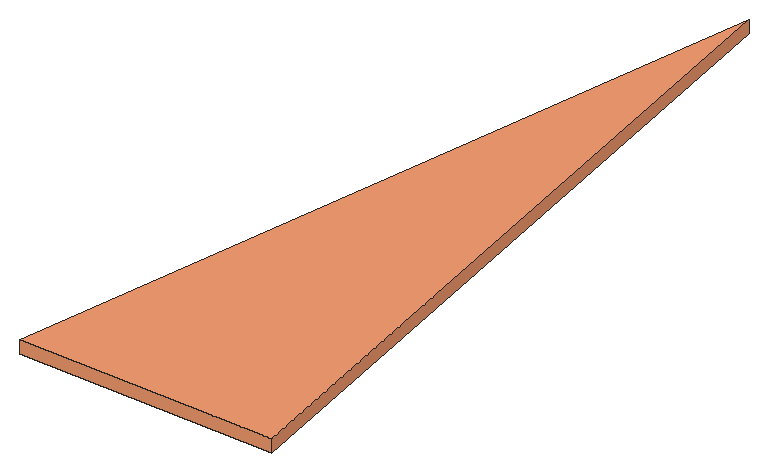
Revit family "Fall Mark", category Generic Models, Revit 2022
Family settings
  Can host rebar = No
  Round Connector Dimension = Use Diameter
  Part Type = Normal
  Work Plane-Based = No
  Always vertical = Yes
  Cut with Voids When Loaded = No
  Maintain Annotation Orientation = No
  Shared = No
  Room Calculation Point = No
Parameters
  Width [instance] = 100 mm
  Lenght Side Triangle [instance] = sqrt(Lenght ^ 2 + (Width / 2) ^ 2)  # 304.138 mm
  Lenght [instance] = 300 mm
  Lenght Base Triangle [instance] = Width  # 100 mm
  Height [instance] = 5 mm
  Default Elevation = 0 mm
Reference planes
  plane 1 "Center (Front/Back)": y = 0
  plane 2: z = 0
  plane 3 "Center (Left/Right)": x = 0
Forms (mm)
  Extrusion 1, solid, material "Mark Material"
    sketch origin (-0.368, 150, 0) x (1, 0, 0) y (0, 1, 0)
      loop
        line (-50, -150) -> (50, -150) -> (0, 150) -> (-50, -150)
    from 0 to 5
Lines and regions (mm)
  reference lines
    curve 1: line (-197.176, 300, 0) -> (160, 300, 0)
    curve 2: line (-50, 395.407, 0) -> (-50, -106.482, 0)
    curve 3: line (50, 395.407, 0) -> (50, -106.482, 0)
    curve 4: line (-354.461, 0, 5) -> (300.539, 0, 5)
Dimensions and locks
  equal spacing: curve 2, plane 3 "Center (Left/Right)", curve 3
  "Lenght": plane 1 "Center (Front/Back)" to curve 1
  "Width": curve 2 to curve 3
  "Lenght Side Triangle": Extrusion 1 sketch curve to Extrusion 1 sketch curve  (x2)
  "Lenght Base Triangle": Extrusion 1 sketch curve to Extrusion 1 sketch curve
  "Height": curve 4 to level
  aligned and locked: level to plane 2
  aligned and locked: Extrusion 1 to curve 4
Automatic sketch dimensions
  Extrusion 1 sketch curve to plane 3 "Center (Left/Right)" = 0.368 mm
  Extrusion 1 sketch curve to plane 1 "Center (Front/Back)" = 0 mm
  plane 1 "Center (Front/Back)" to curve 3 = 106.482 mm
  curve 1 to curve 2 = 147.176 mm
  curve 3 to curve 1 = 110 mm
  curve 2 to curve 3 = 0 mm  (x2)
  curve 1 to curve 3 = 95.407 mm
  curve 4 to plane 3 "Center (Left/Right)" = 354.461 mm
  plane 3 "Center (Left/Right)" to curve 4 = 300.539 mm
